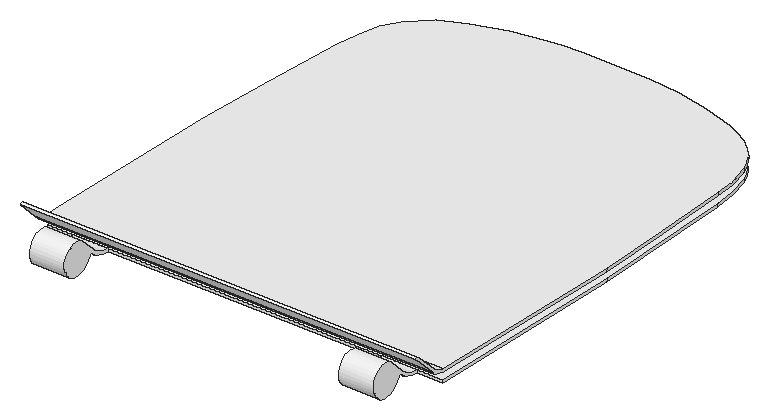
Revit family "253609", category Sanitärinstallationen, Revit 2014
Parameters (values of type "Typ 1")
  URL = "http://www.duravit.de/"
  Revisionsdatum / Revision date = ""
  Produktseite / Product URL = "http://www.pro.duravit.com/253609"
  OK WC / Installation heigth Water Closet [instance] = 450 mm
  Modellbeschreibung / Modeldescription = "Wand-WC 540mm DuraStyle Weiss / Toilet wall mounted 54 cm DuraStyle"
  Modell = "253609"
  Mischbatterie / faucet [instance] = yes
  Material Keramik = Duravit Keramik
  Material Chrom = Stahl, verchromt
  Lüftungsverbindung = no
  LEED Credit = 0
  KW-Verbindung = no
  Höhe Fußbodenaufbau / Heigt of Floor (Standard) [instance] = 100 mm
  Hersteller = "Duravit"
  HW-Verbindung = no
  Familie von / Family made by = "http://bytesandbuilding.de"
  E-Mail Kontakt = ""
  Behindertengerecht / ADA Compliant = no
  Baugruppenkennzeichen = "D2010110"
  Abwasserrohrverbindung = no
Reference planes
  plane 1: y = 0
  plane 2 "Mitte (Links/Rechts)": x = 125
  plane 3 "Hinten": y = 75
  plane 4: z = 0
  plane 5 "OK FFB / Height of floorcovering": z = 100
  plane 6 "OK WC / Top of Closet": z = 550
  plane 7: y = 146.422
Text (mm)
  text "Platzierungsseite" at (-1787.139, 592.35, 0), in view "Referenzebene"
  text "Platzierungsseite" at (0, 1827.695, 2917.686), in view "Links"
  text "Platzierungsseite" at (0, 562.268, 3853.606), in view "Rechts"
Dimensions and locks
  locked: plane 3 "Hinten" to host wall at 0
  "OK WC / Installation heigth Water Closet": plane 6 "OK WC / Top of Closet" to plane 5 "OK FFB / Height of floorcovering"
  "Höhe Fußbodenaufbau / Heigt of Floor (Standard)": plane 5 "OK FFB / Height of floorcovering" to level
  locked: plane 7 to plane 3 "Hinten" at 71.422
  aligned and locked: host wall to plane 1
  aligned and locked: level to plane 4
  aligned and locked: nested 1 to plane 3 "Hinten"
  aligned and locked: host wall to nested 1
  aligned and locked: plane 7 to nested 2
Nested families
  nested 1: "253609_" at (125, 75, 550) x (-1, 0, 0) z (0, 0, 1), Material Keramik <- "Material Keramik", Material Chrom <- "Material Chrom", Mischbatterie <- "Mischbatterie / faucet", type "253609_"
    with Mischbatterie yes, Material Keramik Duravit Keramik, Material Chrom Stahl, verchromt
  nested 2: "006059+006379_" at (125, 145.509, 550) x (-1, 0, 0) z (0, 0, 1), type "006059+006379_"
    with Mischbatterie yes, Material Keramik Duravit Keramik, Material Chrom Stahl, verchromt
Definition of nested family "006059+006379_"
  Parameters (values of type "006059+006379_")
    Mischbatterie [instance] = yes
    Material Keramik [instance] = Duravit Keramik
    Material Chrom [instance] = Stahl, verchromt
  Reference planes
    plane 1 "Mitte (Vorne/Hinten)": y = 0
    plane 2: z = 0
    plane 3 "Mitte (Links/Rechts)": x = 0
  Forms (mm)
    Extrusion 1, solid, material "Duravit Keramik" <- "Material Keramik"
      sketch origin (0, 0, 15.874) x (0, 1, 0) y (0, 0, 1)
        loop
          arc (-0.912, 22.444) -> (-2.622, 23.428) -> (-4.529, 22.921) r 2.587
          line (-4.529, 22.921) -> (-21.726, 5.82)
          arc (-21.726, 5.82) -> (-27.292, 2.118) -> (-33.849, 0.819) r 17.188
          line (-33.849, 0.819) -> (-469.528, 0.622) -> (-469.528, -2.251) -> (-33.849, -2.069)
          arc (-33.849, -2.069) -> (-26.19, -0.552) -> (-19.689, 3.772) r 20.077
          line (-19.689, 3.772) -> (-0.912, 22.444)
      from -186.674 to 186.94
    Extrusion 2, solid, material "Duravit Keramik" <- "Material Keramik"
      sketch origin (0, 0, 15.874) x (0, 1, 0) y (0, 0, 1)
        loop
          arc (-32.991, -10.975) -> (-22.233, -9.187) -> (-13.054, -3.299) r 27.075
          line (-13.054, -3.299) -> (-7.432, -10.451)
          arc (-7.432, -10.451) -> (18.299, -5.085) -> (-1.536, 12.161) r 14.671
          line (-1.536, 12.161) -> (-14.789, -1.092)
          arc (-14.789, -1.092) -> (-23.146, -6.548) -> (-32.991, -8.183) r 24.285
          line (-32.991, -8.183) -> (-32.991, -10.975)
      from 129.782 to 162.387
    Extrusion 3, void
      sketch origin (0, 499, 1.178) x (-1, 0, 0) y (0, -1, 0)
        loop
          line (243.326, 533.849) -> (243.326, 1023.849) -> (-211.674, 1023.849) -> (-211.674, 533.849) -> (-186.674, 533.849)
          arc (-186.674, 533.849) -> (-187.358, 699.892) -> (-179.277, 865.739) r 3144.511
          arc (-179.277, 865.739) -> (-177.089, 886.118) -> (-172.023, 905.977) r 143.647
          arc (-172.023, 905.977) -> (-168.308, 914.042) -> (-163.62, 921.584) r 71.321
          arc (-163.62, 921.584) -> (-154.999, 930.586) -> (-145.492, 938.647) r 120.217
          arc (-145.492, 938.647) -> (-134.509, 944.885) -> (-123.124, 950.357) r 184.494
          arc (-123.124, 950.357) -> (-93.18, 959.252) -> (-62.646, 965.845) r 410.583
          arc (-62.646, 965.845) -> (-31.375, 968.571) -> (0, 969.525) r 554.804
          arc (0, 969.525) -> (31.375, 968.571) -> (62.646, 965.845) r 554.804
          arc (62.646, 965.845) -> (93.18, 959.252) -> (123.124, 950.357) r 410.583
          arc (123.124, 950.357) -> (134.509, 944.885) -> (145.492, 938.647) r 184.494
          arc (145.492, 938.647) -> (154.999, 930.586) -> (163.62, 921.584) r 120.217
          arc (163.62, 921.584) -> (168.308, 914.042) -> (172.023, 905.977) r 71.321
          arc (172.023, 905.977) -> (177.089, 886.118) -> (179.277, 865.739) r 143.647
          arc (179.277, 865.739) -> (187.358, 699.892) -> (186.674, 533.849) r 3144.511
          line (186.674, 533.849) -> (243.326, 533.849)
      from 0 to 250
    Extrusion 4, solid, material "Duravit Keramik" <- "Material Keramik"
      sketch origin (0, 0, 15.874) x (0, 1, 0) y (0, 0, -1)
        loop
          line (-32.991, 10.975) -> (-32.991, 8.183)
          arc (-32.991, 8.183) -> (-23.146, 6.548) -> (-14.789, 1.092) r 24.285
          line (-14.789, 1.092) -> (-1.536, -12.161)
          arc (-1.536, -12.161) -> (18.299, 5.085) -> (-7.432, 10.451) r 14.671
          line (-7.432, 10.451) -> (-13.054, 3.299)
          arc (-13.054, 3.299) -> (-22.233, 9.187) -> (-32.991, 10.975) r 27.075
      from 129.782 to 162.387
    Extrusion 5, solid, material "Duravit Keramik" <- "Material Keramik"
      sketch origin (0, 0, 6.85) x (0, 1, 0) y (0, 0, 1)
        loop
          line (-32.991, -1.951) -> (-32.991, 0.82) -> (-469.528, 0.622) -> (-469.528, -2.134) -> (-32.991, -1.951)
      from -186.674 to 186.94
    Sweep 6, solid, material "Duravit Keramik" <- "Material Keramik"
      path in 3D
        loop
          arc (-113.583, -293.337, 1.178) -> (-111.43, -320.037, 1.178) -> (-105.61, -346.184, 1.178) r 193.511
          arc (-105.61, -346.184, 1.178) -> (-90.889, -366.83, 1.178) -> (-70.574, -382.004, 1.178) r 82.163
          arc (-70.574, -382.004, 1.178) -> (-36.194, -393.972, 1.178) -> (0, -397.865, 1.178) r 160.096
          arc (0, -397.865, 1.178) -> (36.194, -393.972, 1.178) -> (70.574, -382.004, 1.178) r 160.096
          arc (70.574, -382.004, 1.178) -> (90.889, -366.83, 1.178) -> (105.61, -346.184, 1.178) r 82.163
          arc (105.61, -346.184, 1.178) -> (111.43, -320.037, 1.178) -> (113.583, -293.337, 1.178) r 193.511
          line (113.583, -293.337, 1.178) -> (114.852, -180.101, 1.178)
          arc (114.852, -180.101, 1.178) -> (81.068, -101.198, 1.178) -> (0, -73, 1.178) r 106.259
          arc (0, -73, 1.178) -> (-81.068, -101.198, 1.178) -> (-114.852, -180.101, 1.178) r 106.259
          line (-114.852, -180.101, 1.178) -> (-113.583, -293.337, 1.178)
      profile origin (-114.218, -236.719, 1.178) x (0.999937, 0.011205, 0) y (0, 0, 1)
        loop
          arc (-0.003, -15.46) -> (-3.427, -5.844) -> (-11.273, 0.687) r 19.326
          arc (-11.273, 0.687) -> (-22.14, 4.547) -> (-33.506, 6.499) r 67.439
          line (-33.506, 6.499) -> (-33.506, 5.495)
          arc (-33.506, 5.495) -> (-22.352, 3.569) -> (-11.687, -0.224) r 66.439
          arc (-11.687, -0.224) -> (-4.269, -6.386) -> (-1.006, -15.46) r 18.326
          line (-1.006, -15.46) -> (-0.003, -15.46)
    Extrusion 7, void
      sketch origin (0, 0, 1.178) x (-1, 0, 0) y (0, -1, 0)
        loop
          arc (-148.356, 180.477) -> (-104.909, 77.625) -> (0, 39.411) r 139.765
          arc (0, 39.411) -> (104.909, 77.625) -> (148.356, 180.477) r 139.765
          line (148.356, 180.477) -> (147.087, 293.712)
          arc (147.087, 293.712) -> (144.346, 326.431) -> (136.914, 358.411) r 227.017
          arc (136.914, 358.411) -> (115.689, 389.383) -> (85.662, 411.925) r 115.668
          arc (85.662, 411.925) -> (43.948, 426.57) -> (0, 431.371) r 193.602
          arc (0, 431.371) -> (-43.948, 426.57) -> (-85.662, 411.925) r 193.602
          arc (-85.662, 411.925) -> (-115.689, 389.383) -> (-136.914, 358.411) r 115.668
          arc (-136.914, 358.411) -> (-144.346, 326.431) -> (-147.087, 293.712) r 227.017
          line (-147.087, 293.712) -> (-148.356, 180.477)
      from 0 to 6.499
  Cuts and joins
    Extrusion 3, Extrusion 7 cuts Extrusion 1
    Extrusion 3, Extrusion 7 cuts Extrusion 5
  Lines and regions (mm)
    sketch lines
      curve 1: line (-114.852, -180.101, 1.178) -> (-113.583, -293.337, 1.178)
      curve 2: arc (-114.852, -180.101, 1.178) -> (-81.068, -101.198, 1.178) -> (0, -73, 1.178) r 106.259
      curve 3: arc (-105.61, -346.184, 1.178) -> (-90.889, -366.83, 1.178) -> (-70.574, -382.004, 1.178) r 82.163
      curve 4: arc (-70.574, -382.004, 1.178) -> (-36.194, -393.972, 1.178) -> (0, -397.865, 1.178) r 160.096
      curve 5: arc (70.574, -382.004, 1.178) -> (36.194, -393.972, 1.178) -> (0, -397.865, 1.178) r 160.096
      curve 6: arc (105.61, -346.184, 1.178) -> (90.889, -366.83, 1.178) -> (70.574, -382.004, 1.178) r 82.163
      curve 7: arc (113.583, -293.337, 1.178) -> (111.43, -320.037, 1.178) -> (105.61, -346.184, 1.178) r 193.511
      curve 8: line (114.852, -180.101, 1.178) -> (113.583, -293.337, 1.178)
      curve 9: arc (114.852, -180.101, 1.178) -> (81.068, -101.198, 1.178) -> (0, -73, 1.178) r 106.259
      curve 10: arc (-113.583, -293.337, 1.178) -> (-111.43, -320.037, 1.178) -> (-105.61, -346.184, 1.178) r 193.511
  Dimensions and locks
    aligned and locked: level to plane 2
Definition of nested family "253609_"
  Parameters (values of type "253609_")
    Mischbatterie [instance] = yes
    Material Keramik [instance] = Duravit Keramik
    Material Chrom [instance] = Stahl, verchromt
  Reference planes
    plane 1 "Mitte (Vorne/Hinten)": y = 0
    plane 2: z = 0
    plane 3 "Mitte (Links/Rechts)": x = 0
  Dimensions and locks
    aligned and locked: level to plane 2
